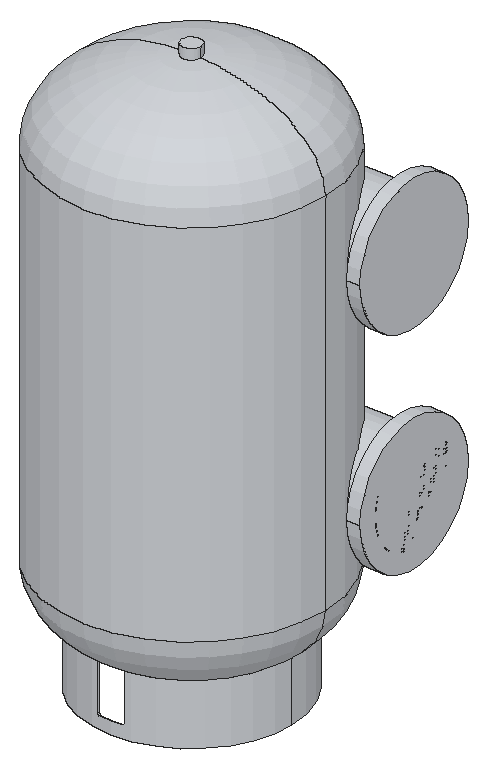
Revit family
Parameters (values of type "22-AS 125# W.P.")
  Weight = "6500 lbs"
  Top to Inlet = 35.375"
  Top Connection Radius = 1.500"
  Top Connection Diameter = Top Connection Radius * 2  # 3.000"
  Tank Height = "125.75"
  Tangential = yes
  Tank Height Less Stand = 118.750"
  Tank Diameter = 60.000"
  Pipe Location off CL = 18.000"
  Outlet Pipe Flange Conn. Radius = Outlet Pipe Flange Conn / 2  # 11.000"
  Outlet Pipe Flange Conn = 22.000"
  Model = "22\"-AS"
  Pressure Drop = ""
  Max Operating Temp = "350 DEG F"
  Max Operating Pressure = "125 PSI"
  Manufacturer = "Amtrol"
  Inlet CL to Outlet CL = 48.000"
  Inlet Pipe Flange Conn = 22.000"
  Inlet Pipe Flange Conn. Radius = Inlet Pipe Flange Conn / 2  # 11.000"
  Flow (GPM) = ""
  Flange to Flange Height = 70.000"
  CL to Outlet Flange = 35.000"
  Bottom Connection Radius = Bottom Connection Diameter / 2  # 1.500"
  Bottom Connection Diameter = 3.000"
  ASME = yes
Types (3): name | Max Operating Pressure
  (no name) | "125 PSI"
  22-AS 125# W.P. | "125 PSI"
  22-AS 150# W.P. 10 BAR | "150 PSI"
Reference planes (in)
  plane 1 "Center (Front/Back)": y = 0
  plane 2: z = 0
  plane 3 "Center (Left/Right)": x = -1.2315
Forms (in)
  Revolve 1, solid
    sketch origin (0, 0, 0) x (1, 0, 0) y (0, 0, 1)
      loop
        spline (28.7685, 101.75) -> (28.51184, 104.09947) -> (27.74627, 106.40874) -> (26.48488, 108.6383) -> (24.74926, 110.75) -> (22.5691, 112.70771) -> (19.9817, 114.47792) -> (17.03134, 116.03036) -> (13.7685, 117.33846) -> (10.249, 118.37983) -> (6.53307, 119.13666) -> (2.68428, 119.59601) -> (-1.2315, 119.75)
        line (-1.2315, 119.75) -> (-1.2315, 1)
        spline (-1.2315, 1) -> (2.68428, 1.15399) -> (6.53307, 1.61334) -> (10.249, 2.37017) -> (13.7685, 3.41154) -> (17.03134, 4.71964) -> (19.9817, 6.27208) -> (22.5691, 8.04229) -> (24.74926, 10) -> (26.48488, 12.1117) -> (27.74627, 14.34126) -> (28.51184, 16.65053) -> (28.7685, 19)
        line (28.7685, 19) -> (28.7685, 101.75)
      axis (-1.2315, 1) -> (-1.2315, 119.75)
    angle from 0 to 360
  Extrusion 2, solid
    sketch origin (0, 0, 4.33383) x (0, 1, 0) y (0, 0, 1)
      loop
        circle (18, 80.01285) r 11
    from 2.04863 to 31.00894
  Extrusion 3, solid
    sketch origin (1.78583, 0, 18.02222) x (0, 1, 0) y (0, 0, 1)
      loop
        circle (18, 18.32446) r 11
    from -34.75777 to 32.24223
  Extrusion 4, solid
    sketch origin (6.54208, 0, 8.25512) x (0, 1, 0) y (0, 0, 1)
      loop
        circle (18, 76.09156) r 15
    from 24.46686 to 27.48598
  Extrusion 5, solid
    sketch origin (0, 0, 0.63219) x (0, 1, 0) y (0, 0, 1)
      loop
        circle (18, 35.71449) r 15
    from -32.97194 to -36.2315
  Sweep 6, solid
    path origin (0.0083, 0, 42.63637) x (1, 0, 0) y (0, 0, 1)
      loop
        line (-1.2315, 77.08531) -> (-1.2315, 79.21969)
    profile origin (-1.2232, 0, 120.78887) x (-1, 0, 0) y (0, -1, 0)
      loop
        circle (0, 0) r 2.125
  Sweep 7, solid
    path origin (0, 0, 0.47237) x (1, 0, 0) y (0, 0, 1)
      loop
        line (-1.2315, -1.75069) -> (-1.2315, 0.49931)
    profile origin (-1.2315, 0, -0.15332) x (-1, 0, 0) y (0, -1, 0)
      loop
        circle (0, 0) r 2.125
  Extrusion 8, solid
    sketch origin (-5, 0, 0) x (0, 1, 0) y (0, 0, 1)
      loop
        circle (18, 36.34668) r 15
    from 36.00894 to 39.02806
  Extrusion 9, solid
    sketch origin (0, 0, 0.2359) x (1, 0, 0) y (0, 1, 0)
      loop
        circle (-1.2315, 0) r 22.5
      loop
        circle (-1.2315, 0) r 22.25
    from 6.90601 to -6.7359
  Extrusion 10, void
    sketch origin (0, 0, 0) x (1, 0, 0) y (0, 0, 1)
      loop
        line (-4.2315, 7.14191) -> (-4.2315, -3.2464)
        arc (-4.2315, -3.2464) -> (-4.08505, -3.59996) -> (-3.7315, -3.7464) r 0.5
        line (-3.7315, -3.7464) -> (1.2685, -3.7464)
        arc (1.2685, -3.7464) -> (1.62205, -3.59996) -> (1.7685, -3.2464) r 0.5
        line (1.7685, -3.2464) -> (1.7685, 7.14191) -> (-4.2315, 7.14191)
    from 4.41095 to 33.97425
Cuts and joins
  Extrusion 10 cuts Sweep 7
  Extrusion 10 cuts Extrusion 9
Text (in)
  text "INLET" at (38.67413, 0, 74.30106), in view "Front"
  text "OUTLET" at (-48.81886, 0, 31.32958), in view "Front"
  text "STRAINER\n\nACCESS" at (46.12611, 0, 38.80606), in view "Front"
Dimensions and locks (in)
  "Pipe Location off CL": plane 1 "Center (Front/Back)" to Extrusion 2 sketch curve
  "Pipe Location off CL": plane 1 "Center (Front/Back)" to Extrusion 3 sketch curve
  "Pipe Location off CL": Extrusion 5 sketch curve to plane 1 "Center (Front/Back)"
  "Pipe Location off CL": Extrusion 4 sketch curve to plane 1 "Center (Front/Back)"
  "CL to Outlet Flange": Extrusion 5 to plane 3 "Center (Left/Right)"
  "Top to Inlet": Sweep 6 to Extrusion 4 sketch curve
  "Top to Inlet": Sweep 6 to Extrusion 2 sketch curve
  locked: Sweep 6 to Extrusion 5 sketch curve at 83.375
  locked: Sweep 6 to Extrusion 8 sketch curve at 83.375
  locked: Sweep 6 to Extrusion 3 sketch curve at 83.375
  "Pipe Location off CL": plane 1 "Center (Front/Back)" to Extrusion 8 sketch curve
  "Tank Height Less Stand": Sweep 6 sketch curve to cut or joined group of Sweep 7, Extrusion 10
  locked: Revolve 1 sketch curve to Revolve 1 sketch curve at 30
  "Tank Height Less Stand": Revolve 1 sketch curve to Revolve 1 sketch curve
  locked: Revolve 1 sketch curve to level at 1
  aligned: Extrusion 2 to Extrusion 4
  aligned and locked: Extrusion 3 to Extrusion 5
  aligned: Extrusion 3 to Extrusion 2
  aligned: Extrusion 2 to Extrusion 8
  aligned and locked: Extrusion 9 to Extrusion 10
  aligned and locked: Extrusion 8 to Extrusion 3
  aligned and locked: Extrusion 4 to Extrusion 8
  aligned and locked: plane 3 "Center (Left/Right)" to Sweep 7 sketch curve
  aligned and locked: Extrusion 2 to Extrusion 8
Automatic sketch dimensions
  plane 1 "Center (Front/Back)" to Sweep 6 sketch curve = 0.000"
  Sweep 6 sketch curve to profile plane = 0.000"
  plane 1 "Center (Front/Back)" to Sweep 7 sketch curve = 0.000"
  Sweep 7 sketch curve to profile plane = 0.000"
  Extrusion 9 sketch curve to Extrusion 9 sketch curve = 0.000"  (x2)
  plane 1 "Center (Front/Back)" to Extrusion 9 sketch curve = 0.000"
  Extrusion 9 sketch curve to plane 3 "Center (Left/Right)" = 0.000"
  Extrusion 10 sketch curve to plane 3 "Center (Left/Right)" = 3.000"
  Extrusion 10 sketch curve to Extrusion 10 sketch curve = 0.500"  (x2)
  Extrusion 10 sketch curve to level = 3.2464"
  plane 3 "Center (Left/Right)" to Extrusion 10 sketch curve = 2.500"
  level to Extrusion 10 sketch curve = 7.14191"
  plane 3 "Center (Left/Right)" to Sweep 6 sketch curve = 0.0083"
  Sweep 6 sketch curve to Sweep 6 sketch curve = 2.13438"
  Sweep 7 sketch curve to level = 1.27832"
  level to Sweep 7 sketch curve = 0.97168"
  Revolve 1 sketch curve to plane 3 "Center (Left/Right)" = 0.000"  (x2)
  Revolve 1 sketch curve to Revolve 1 sketch curve = 0.000"
  level to Revolve 1 sketch curve = 19.000"
  Revolve 1 sketch curve to Revolve 1 sketch curve = 18.000"
  Revolve 1 sketch curve to Revolve 1 sketch curve = 14.000"
  radius of Extrusion 2 sketch curve = 11.000"
  radius of Extrusion 3 sketch curve = 11.000"
  radius of Extrusion 4 sketch curve = 15.000"
  radius of Extrusion 5 sketch curve = 15.000"
  radius of Sweep 6 sketch curve = 2.125"
  radius of Sweep 7 sketch curve = 2.125"
  radius of Extrusion 8 sketch curve = 15.000"
  radius of Extrusion 9 sketch curve = 22.500"
  radius of Extrusion 9 sketch curve = 22.250"
Connectors (in)
  piping at (-1.2232, 0, 121.85606), driven by "Top Connection Radius"
    settings: on Sweep 6, index 3
  piping at (-36.2315, 18, 36.34668), driven by "Outlet Pipe Flange Conn. Radius"
    settings: on Extrusion 5, index 4
  piping at (-1.2315, 0, -1.27832), driven by "Bottom Connection Radius"
    settings: on Sweep 7, index 5
  piping at (34.02806, 18, 84.34668), driven by "Inlet Pipe Flange Conn. Radius"
    settings: on Extrusion 4, index 6
